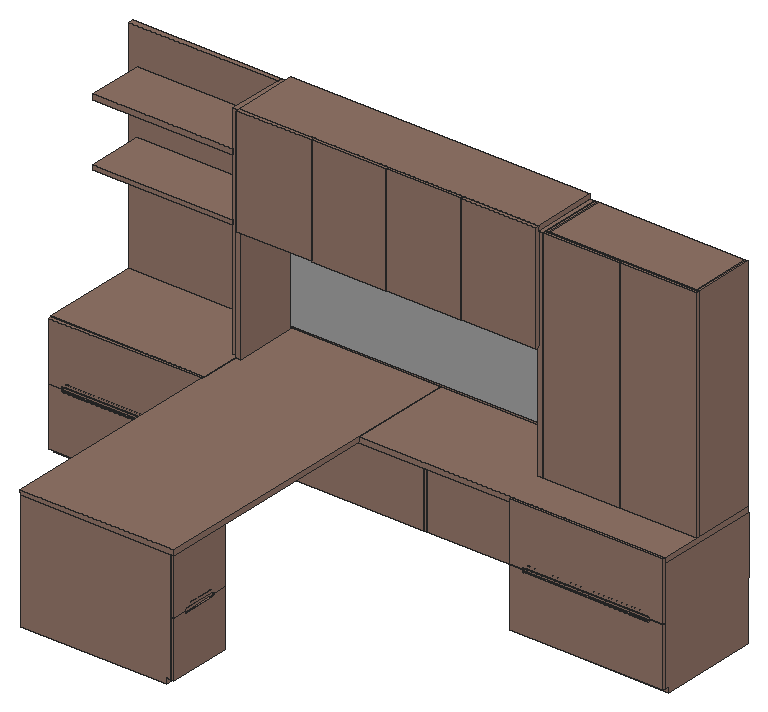
Revit family "OFS TYPICAL T100008", category Furniture, Revit 2022 (continued)
Definition of nested family "OFS SLATE OVERLAY HIGHBACK ORGANIZER"
  Types (27): name | Width | Model | Length 2 | Length 1 | High | Height 1 | Height | Description | Center Doors
    Overlay Highback Organizer 4 Doors 66W x 40H - 1 High | 5' - 6" | "CA-A6641HD19" | 2' - 8" | 0' - 0" | 1 | 1' - 7" | 3' - 5" | "OFS SLATE Overlay Highback Organizer 4 Doors, 66W x 15.75D x 40.5H, Slate Private Office" | no
    Overlay Highback Organizer 4 Doors 60W x 40H - 1 High | 5' - 0" | "CA-A6041HD19" | 2' - 5" | 0' - 0" | 1 | 1' - 7" | 3' - 5" | "OFS SLATE Overlay Highback Organizer 4 Doors, 60W x 15.75D x 40.5H, Slate Private Office" | no
  Reference planes (in)
    plane 1 "Center (Front/Back)": y = 0
    plane 2: z = 0
    plane 3 "Center (Left/Right)": x = 0
    plane 4: x = 78
    plane 5: y = -15
    plane 6: x = 39
    plane 7: z = 29.25
    plane 8: z = 80.75
    plane 9: z = 80
    plane 10: z = 51.4375
    plane 11: z = 50.25
    plane 12: z = 29.75
    plane 13: z = 81.25
    plane 14: x = 39
    plane 15: x = 39
    plane 16: x = 20
    plane 17: x = 58
    plane 18: x = 1
    plane 19: x = 77
    plane 20: z = 81.8125
    plane 21: z = 81.75
    plane 22: z = 82.25
  Forms (in)
    Extrusion 1, solid, material <- "Panel"
      sketch origin (39, -0.75, 47.24409) x (0, 1, 0) y (0, 0, 1)
        loop
          line (0, 32.7559) -> (-14.25, 32.7559) -> (-14.25, 4.19341) -> (0, 4.19341) -> (0, 32.7559)
      from -0.375 to 0.375
    Extrusion 2, solid, material <- "Panel"
      sketch origin (39, -0.75, 47.24409) x (0, 1, 0) y (0, 0, -1)
        loop
          line (0, -32.7559) -> (0, -4.19341) -> (-14.25, -4.19341) -> (-14.25, -32.7559) -> (0, -32.7559)
      from -0.375 to 0.375
    Extrusion 3, solid, material <- "Doors", visible <- "Show Doors"
      sketch origin (-3.99704, -15, 47.24409) x (-1, 0, 0) y (0, 0, 1)
        loop
          line (-4.99704, 34.50591) -> (-23.93204, 34.50591) -> (-23.93204, 3.00591) -> (-4.99704, 3.00591) -> (-4.99704, 34.50591)
        loop
          line (-80.99704, 34.50591) -> (-80.99704, 3.00591) -> (-62.06204, 3.00591) -> (-62.06204, 34.50591) -> (-80.99704, 34.50591)
      from -0.08661 to -0.83661
    Extrusion 4, solid, material <- "Doors", visible <- "Show Doors"
      sketch origin (-3.99704, -15, 47.24409) x (-1, 0, 0) y (0, 0, 1)
        loop
          line (-42.93454, 34.50591) -> (-42.93454, 3.00591) -> (-24.06204, 3.00591) -> (-24.06204, 34.50591) -> (-42.93454, 34.50591)
        loop
          line (-43.05954, 34.50591) -> (-61.93204, 34.50591) -> (-61.93204, 3.00591) -> (-43.05954, 3.00591) -> (-43.05954, 34.50591)
      from -0.08661 to -0.83661
    Extrusion 5, solid, material <- "Doors", visible <- "Center Doors"
      sketch origin (-3.99704, -15, 47.24409) x (-1, 0, 0) y (0, 0, 1)
        loop
          line (-42.93204, 34.50591) -> (-42.93204, 3.00591) -> (-4.99704, 3.00591) -> (-4.99704, 34.50591) -> (-42.93204, 34.50591)
        loop
          line (-43.06204, 34.50591) -> (-80.99704, 34.50591) -> (-80.99704, 3.00591) -> (-43.06204, 3.00591) -> (-43.06204, 34.50591)
      from -0.08661 to -0.83661
    Extrusion 6, solid, material <- "Panel"
      sketch origin (-59.82313, -60, 29.25) x (-1, 0, 0) y (0, -1, 0)
        loop
          line (-59.82313, -60) -> (-59.82313, -45) -> (-61.01063, -45) -> (-61.01063, -60) -> (-59.82313, -60)
        loop
          line (-137.82313, -60) -> (-136.63563, -60) -> (-136.63563, -45) -> (-137.82313, -45) -> (-137.82313, -60)
      from 0 to 51.5
    Extrusion 7, solid, material <- "Top"
      sketch origin (1, 4.23653, 47.24409) x (0, 1, 0) y (0, 0, 1)
        loop
          line (-4.23653, 34.56841) -> (-19.23653, 34.56841) -> (-19.23653, 33.5059) -> (-4.23653, 33.5059) -> (-4.23653, 34.56841)
      from 0 to 76
    Extrusion 8, solid, material <- "Back"
      sketch origin (1.1875, 0, 29.25) x (0, -1, 0) y (0, 0, -1)
        loop
          line (0, -50.75) -> (0.75, -50.75) -> (0.75, -0.5) -> (0, -0.5) -> (0, -50.75)
      from 0 to 75.625
    Extrusion 9, solid, material <- "Top"
      sketch origin (-3.99704, -15, 47.24409) x (-1, 0, 0) y (0, 0, 1)
        loop
          line (-5.18454, 32.7559) -> (-5.18454, 33.5059) -> (-80.80954, 33.5059) -> (-80.80954, 32.7559) -> (-5.18454, 32.7559)
      from 0 to 15
    Extrusion 10, solid, material <- "Base Panel"
      sketch origin (-3.99704, -15, 47.24409) x (-1, 0, 0) y (0, 0, 1)
        loop
          line (-5.18454, 4.19341) -> (-80.80954, 4.19341) -> (-80.80954, 3.00591) -> (-5.18454, 3.00591) -> (-5.18454, 4.19341)
      from 0 to 14.25
    Extrusion 11, void
      sketch origin (0, 0, 0) x (0, -1, 0) y (0, 0, 1)
        loop
          line (15.52484, 50.25) -> (15.08661, 50.68822) -> (15.08661, 50.25) -> (15.52484, 50.25)
      from 0 to -78
  Cuts and joins
    Extrusion 11 cuts Extrusion 3
    joined: Extrusion 1, Extrusion 6
  Lines and regions (in)
    Masking region 1
      outline origin (69.63251, -60, 80.75) x (0, -1, 0) y (1, 0, 0)
        loop
          line (-60, -69.63251) -> (-45, -69.63251) -> (-45, -68.63251) -> (-44.16339, -68.63251) -> (-44.16339, 7.36749) -> (-45, 7.36749) -> (-45, 8.36749) -> (-60, 8.36749) -> (-60, -69.63251)
  Dimensions and locks (in)
    "Width": plane 3 "Center (Left/Right)" to plane 4
    equal spacing: plane 3 "Center (Left/Right)", plane 6, plane 4
    plane 1 "Center (Front/Back)" to plane 5 = 1' - 3"
    plane 22 to plane 20 to plane 21 to plane 13 to plane 8 to plane 9 = 0' - 0 7/16" locked, 0' - 0 1/16" locked, 0' - 0 1/2" locked, 0' - 0 1/2" locked, 0' - 0 3/4" locked
    locked: plane 10 to plane 11 at 1.1875
    locked: plane 12 to plane 7 at 0.5
    "Height 1": plane 13 to plane 11
    "Length 1": plane 14 to plane 6
    "Elevation": plane 7 to level
    "Length 1": plane 15 to plane 6
    locked: Extrusion 3 sketch curve to plane 16 at 0.065
    locked: Extrusion 3 sketch curve to plane 17 at 0.065
    locked: plane 16 to Extrusion 4 sketch curve at 0.065
    locked: plane 14 to Extrusion 4 sketch curve at 0.0625
    locked: plane 15 to Extrusion 4 sketch curve at 0.0625
    locked: plane 17 to Extrusion 4 sketch curve at 0.065
    Extrusion 5 sketch curve to plane 6 to Extrusion 5 sketch curve = 0' - 0.065" locked, 0' - 0.065" locked
    "Length 2": Extrusion 5 sketch curve to plane 6
    "Length 2": plane 6 to Extrusion 5 sketch curve
    locked: plane 3 "Center (Left/Right)" to plane 18 at 1
    equal spacing: plane 18, plane 16, plane 14
    locked: plane 19 to plane 4 at 1
    equal spacing: plane 15, plane 17, plane 19
    locked: plane 3 "Center (Left/Right)" to Extrusion 6 sketch curve at 1.1875
    locked: Extrusion 6 sketch curve to plane 4 at 1.1875
    locked: plane 1 "Center (Front/Back)" to Extrusion 8 sketch curve at 0.75
    "Height": plane 22 to plane 7
    aligned and locked: level to plane 2
    aligned and locked: plane 6 to nested 1
    aligned and locked: plane 5 to Extrusion 1 sketch curve
    aligned and locked: Extrusion 1 sketch curve to plane 10
    aligned and locked: Extrusion 1 sketch curve to plane 9
    aligned and locked: Extrusion 2 sketch curve to plane 9
    aligned and locked: Extrusion 2 sketch curve to plane 10
    aligned and locked: plane 5 to Extrusion 2 sketch curve
    aligned and locked: plane 11 to Extrusion 3 sketch curve
    aligned and locked: Extrusion 3 sketch curve to plane 11
    aligned and locked: plane 11 to Extrusion 4 sketch curve
    aligned and locked: Extrusion 4 sketch curve to plane 11
    aligned and locked: plane 11 to Extrusion 5 sketch curve
    aligned and locked: Extrusion 5 sketch curve to plane 11
    aligned and locked: plane 18 to Extrusion 3 sketch curve
    aligned and locked: Extrusion 3 sketch curve to plane 19
    aligned and locked: Extrusion 3 sketch curve to plane 21  (x2)
    aligned and locked: Extrusion 4 sketch curve to plane 21
    aligned and locked: plane 21 to Extrusion 4 sketch curve
    aligned and locked: Extrusion 5 sketch curve to plane 21  (x2)
    aligned and locked: plane 1 "Center (Front/Back)" to Extrusion 6 sketch curve
    aligned and locked: plane 3 "Center (Left/Right)" to Extrusion 6 sketch curve
    aligned and locked: plane 5 to Extrusion 6 sketch curve  (x2)
    aligned and locked: plane 4 to Extrusion 6 sketch curve
    aligned and locked: Extrusion 6 sketch curve to plane 1 "Center (Front/Back)"
    aligned and locked: Extrusion 6 to plane 8
    aligned and locked: plane 5 to Extrusion 7 sketch curve
    aligned and locked: Extrusion 7 sketch curve to plane 20
    aligned and locked: Extrusion 7 sketch curve to plane 8
    aligned and locked: plane 1 "Center (Front/Back)" to Extrusion 7 sketch curve
    aligned and locked: Extrusion 7 to plane 19
    aligned and locked: Extrusion 8 sketch curve to plane 12
    aligned and locked: plane 1 "Center (Front/Back)" to Extrusion 8 sketch curve
    aligned and locked: Extrusion 8 sketch curve to plane 9
    aligned and locked: Extrusion 8 to Extrusion 6
    aligned and locked: Extrusion 9 sketch curve to Extrusion 6  (x2)
    aligned and locked: Extrusion 9 sketch curve to plane 9
    aligned and locked: Extrusion 9 sketch curve to plane 8
    aligned and locked: Extrusion 9 to plane 1 "Center (Front/Back)"
    aligned and locked: plane 10 to Extrusion 10 sketch curve
    aligned and locked: Extrusion 10 sketch curve to plane 11
    aligned and locked: Extrusion 6 to Extrusion 10 sketch curve  (x2)
    aligned and locked: Extrusion 1 to Extrusion 10
    aligned and locked: Extrusion 11 sketch curve to plane 11
    aligned and locked: Extrusion 3 to Extrusion 11 sketch curve
    aligned and locked: plane 4 to Extrusion 11
    aligned and locked: plane 18 to Masking region 1 sketch curve
    aligned and locked: Masking region 1 sketch curve to cut or joined group of Extrusion 3, Extrusion 11
    aligned and locked: Masking region 1 sketch curve to plane 19
    aligned and locked: plane 5 to Masking region 1 sketch curve
    aligned and locked: Extrusion 5 to nested 1
  Automatic sketch dimensions
    plane 1 "Center (Front/Back)" to Extrusion 1 sketch curve = 0' - 0 3/4"
    Extrusion 2 sketch curve to plane 1 "Center (Front/Back)" = 0' - 0 3/4"
    plane 1 "Center (Front/Back)" to Masking region 1 sketch curve = 0' - 0"
    Masking region 1 sketch curve to plane 5 = 0' - 0"
    Masking region 1 sketch curve to plane 4 = 0' - 0"
    Extrusion 11 sketch curve to Extrusion 11 sketch curve = 0' - 0.43822"
    plane 11 to Extrusion 11 sketch curve = 0' - 0.43822"
    Masking region 1 sketch curve to plane 3 "Center (Left/Right)" = 0' - 0"
  Nested families (in)
    nested 1: "Tag" at (39, -15.83661, 0), type "Center", detail levels fine
      with Offset (LR) 0' - 0"
  Definition of nested family "Tag"
    Parameters
      P_Width = 0' - 0"
      Text_Width = "Empty"
      Text_Height = "Empty"
      Text_Diameter = "Empty"
      Text_Depth = "Empty"
      Offset (LR) [instance] = 0' - 0"
      Model Name = "Type Catalog"
      P_Height = 0' - 0"
      Distance of Center (not Change) = 0' - 0.1"
      P_Diameter = 0' - 0"
      P_Depth = 0' - 0"
    Reference planes (in)
      plane 1: y = 0
      plane 2: x = 0
    Lines and regions (in)
      reference lines
        curve 1: line (-0.44359, 0.1, 0) -> (0.41085, 0.1, 0)
        curve 3: line (0, 0.42564, 0) -> (0, -0.30221, 0)
      reference lines, not visible
        curve 2: line (-0.44359, 0.09843, 0) -> (0.41085, 0.09843, 0)
        curve 4: line (0, 0.42407, 0) -> (0, -0.30379, 0)
    Text (in)
      label "Empty" at (0.00197, 0.0921, 0), shows "Model Name"
      label "Empty" at (0.00197, 0.09052, 0), shows "Model Name", not visible
    Dimensions and locks (in)
      "Distance of Center (not Change)": plane 1 to curve 1
      "Offset (LR)": curve 3 to plane 2
    Automatic sketch dimensions
      curve 1 to curve 3 = 0' - 0.44359"
      curve 3 to curve 1 = 0' - 0.41085"
      curve 3 to curve 1 = 0' - 0.40221"
      curve 1 to curve 3 = 0' - 0.32564"
      curve 2 to curve 4 = 0' - 0.44359"
      curve 4 to curve 2 = 0' - 0.41085"
      curve 4 to curve 2 = 0' - 0.40221"
      curve 2 to curve 4 = 0' - 0.32564"
